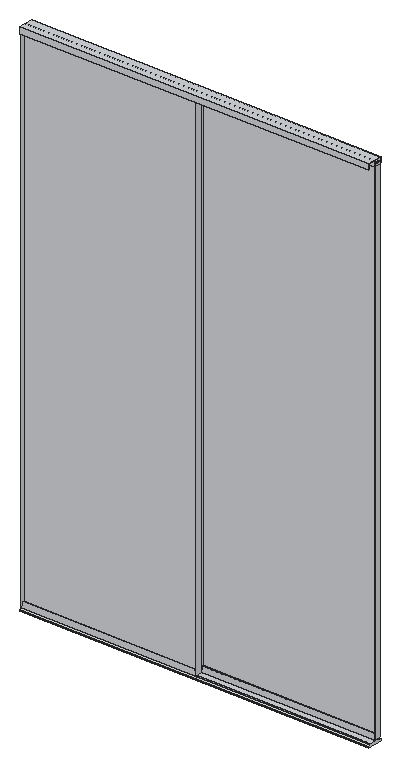
Revit family "Porta corrediça dupla do closet", category Portas, Revit 2019
Family settings
  Hospedeiro = Parede
  Número OmniClass = 23.30.10.00
  Título OmniClass = Doors
  Sempre na vertical = Sim
  Corte com vazios quando carregada = Não
  Compartilhado = Não
  Ponto de cálculo do ambiente = Não
Parameters (values of type "1600 x 2400mm")
  Material da corrediça = none
  Rough Width = 1600 mm
  Rough Height = 2400 mm
  Material da moldura do painel = none
  Material do painel = none
  Função = Interior
  Height = Rough Height  # 2400 mm
  Fechamento da parede = Por hospedeiro
  Width = Rough Width  # 1600 mm
  Assembly Code = ""
Types (4, lengths in mm): name | Rough Width | Width
  1200 x 2400mm | 1200 | 1200
  1600 x 2400mm | 1600 | 1600
  1400 x 2400mm | 1400 | 1400
  1800 x 2400mm | 1800 | 1800
Reference planes
  plane 1: y = 0
  plane 2 "Centro (Esquerda/Direita)": x = 0
  plane 3 "Esquerda": x = -800
  plane 4 "Direita": x = 800
  plane 5: z = 2400
  plane 6 "Exterior": y = 75
  plane 7 "Interior": y = -75
  plane 8: y = 5
  plane 9: y = 40
  plane 10: y = 70
  plane 11: y = 45
  plane 12: y = 10
  plane 13: y = 35
  plane 14: z = 2375
  plane 15: z = 10
  plane 16: z = 2365
  plane 17: z = 15
  plane 18: x = -5
  plane 19: x = 5
  plane 20: z = 25
  plane 21: x = 790
  plane 22: y = 60
  plane 23: z = 5
  plane 24: y = 55
  plane 25: y = 48
  plane 26: y = 13
  plane 27: y = 20
  plane 28: y = 58
  plane 29: y = 53
  plane 30: y = 50
  plane 31: y = 18
  plane 32: y = 15
  plane 33: x = -798
  plane 34: x = -790
  plane 35: y = 68
  plane 36: y = 33
  plane 37: x = -3
  plane 38: x = 3
  plane 39: z = 17
  plane 40: z = 2373
  plane 41: y = 23
  plane 42: y = 25
  plane 43: y = 25
  plane 44: x = 798
  plane 45: y = 23
  plane 46: z = 2
  plane 47: y = 63
  plane 48: y = 28
  plane 49: y = 73
  plane 50: z = 2398
  plane 51: y = 7
  plane 52: z = 37
  plane 53: z = 18
  plane 54: z = 21
  plane 55: y = 46
  plane 56: y = 41
  plane 57: z = 2380
  plane 58: y = 39
  plane 59: y = 34
  plane 60: y = 12
  plane 61: z = 2383
  plane 62: y = 72
  plane 63: y = 42
  plane 64: y = 54
  plane 65: y = 38
  plane 66: y = 8
  plane 67: y = 20
  plane 68: y = 26
  plane 69: z = 1200
  plane 70: x = -400
  plane 71: x = 400
Forms (mm)
  Extrusion 1, solid, material <- "Material do painel", detail levels coarse
    sketch origin (0, 0, 0) x (0, 1, 0) y (0, 0, 1)
      loop
        line (70, 2400) -> (45, 2400) -> (45, 0) -> (70, 0) -> (70, 2400)
    from -5 to 800
  Extrusion 2, solid, material <- "Material do painel", detail levels coarse
    sketch origin (0, 0, 0) x (0, 1, 0) y (0, 0, 1)
      loop
        line (35, 2400) -> (10, 2400) -> (10, 0) -> (35, 0) -> (35, 2400)
    from -800 to 5
  Extrusion 3, solid, material <- "Material da corrediça", detail levels medium
    sketch origin (0, 0, 0) x (0, 1, 0) y (0, 0, 1)
      loop
        line (75, 2400) -> (5, 2400) -> (5, 2375) -> (75, 2375) -> (75, 2400)
    from -800 to 800
  Extrusion 4, solid, material <- "Material da corrediça", detail levels medium
    sketch origin (0, 0, 0) x (0, 1, 0) y (0, 0, 1)
      loop
        line (75, 0) -> (75, 10) -> (5, 10) -> (5, 0) -> (75, 0)
    from -800 to 800
  Extrusion 5, solid, material <- "Material da corrediça", detail levels medium
    sketch origin (0, 0, 0) x (0, 1, 0) y (0, 0, 1)
      loop
        line (5, 0) -> (75, 0) -> (75, 10) -> (5, 10) -> (5, 0)
    from -800 to 800
  Sweep 6, solid, material <- "Material da moldura do painel", detail levels medium
    path origin (0, 75, 0) x (1, 0, 0) y (0, 0, 1)
      loop
        line (5, 15) -> (5, 2375) -> (-800, 2375) -> (-800, 15) -> (5, 15)
    profile origin (5, 75, 1195) x (-1, 0, 0) y (0, -1, 0)
      loop
        line (0, 65) -> (0, 40) -> (10, 40) -> (10, 65) -> (0, 65)
  Sweep 7, solid, material <- "Material da moldura do painel", detail levels medium
    path origin (0, 75, 0) x (1, 0, 0) y (0, 0, 1)
      loop
        line (790, 2365) -> (5, 2365) -> (5, 25) -> (790, 25) -> (790, 2365)
    profile origin (397.5, 75, 2365) x (0, 0, -1) y (0, -1, 0)
      loop
        line (-10, 5) -> (0, 5) -> (0, 30) -> (-10, 30) -> (-10, 5)
  Extrusion 8, solid, material <- "Material do painel", detail levels medium
    sketch origin (0, 0, 0) x (0, 1, 0) y (0, 0, 1)
      loop
        line (70, 2365) -> (60, 2365) -> (60, 25) -> (70, 25) -> (70, 2365)
    from 5 to 790
  Extrusion 9, solid, material <- "Material da corrediça", detail levels fine
    sketch origin (0, 0, 0) x (0, 1, 0) y (0, 0, 1)
      loop
        line (75, 2375) -> (75, 2400) -> (5, 2400) -> (5, 2375) -> (7, 2375) -> (7, 2398) -> (39, 2398) -> (39, 2375) -> (41, 2375) -> (41, 2398) -> (73, 2398) -> (73, 2375) -> (75, 2375)
    from -800 to 800
  Extrusion 10, solid, material <- "Material da corrediça", detail levels fine
    sketch origin (0, 0, 0) x (0, 1, 0) y (0, 0, 1)
      loop
        line (75, 0) -> (75, 5) -> (55, 10) -> (55, 2) -> (48, 2) -> (48, 10) -> (20, 10) -> (20, 2) -> (13, 2) -> (13, 10) -> (5, 5) -> (5, 0) -> (75, 0)
    from -800 to 800
  Sweep 11, solid, material <- "Material da moldura do painel", detail levels fine
    path origin (0, 75, 0) x (1, 0, 0) y (0, 0, 1)
      loop
        line (790, 2365) -> (5, 2365) -> (5, 25) -> (790, 25) -> (790, 2365)
    profile origin (397.5, 75, 2365) x (0, 0, -1) y (0, -1, 0)
      loop
        line (0, 5) -> (0, 7) -> (-8, 7) -> (-8, 20) -> (-10, 20) -> (-10, 5) -> (0, 5)
  Sweep 12, solid, material <- "Material da moldura do painel", detail levels fine
    path origin (0, 75, 0) x (1, 0, 0) y (0, 0, 1)
      loop
        line (-5, 2365) -> (-790, 2365) -> (-790, 25) -> (-5, 25) -> (-5, 2365)
    profile origin (-397.5, 75, 2365) x (0, 0, -1) y (0, -1, 0)
      loop
        line (0, 40) -> (0, 42) -> (-8, 42) -> (-8, 55) -> (-10, 55) -> (-10, 40) -> (0, 40)
  Extrusion 13, solid, material <- "Material do painel", detail levels fine
    sketch origin (0, 0, 0) x (0, 1, 0) y (0, 0, 1)
      loop
        line (68, 2373) -> (58, 2373) -> (58, 25) -> (63, 25) -> (63, 17) -> (68, 17) -> (68, 2373)
    from -3 to 798
  Extrusion 14, solid, material <- "Material da corrediça", detail levels fine
    sketch origin (0, 0, 0) x (0, 1, 0) y (0, 0, 1)
      loop
        line (53, 37) -> (50, 37) -> (50, 2) -> (53, 2) -> (53, 37)
    from -3 to 798
  Extrusion 15, solid, material <- "Material da corrediça", detail levels fine
    sketch origin (0, 0, 0) x (0, 1, 0) y (0, 0, 1)
      loop
        line (18, 37) -> (15, 37) -> (15, 2) -> (18, 2) -> (18, 37)
    from -798 to 3
  Extrusion 16, solid, material <- "Material do painel", detail levels medium
    sketch origin (-600, -35, 0) x (0, 1, 0) y (0, 0, 1)
      loop
        line (70, 2365) -> (60, 2365) -> (60, 25) -> (70, 25) -> (70, 2365)
    from -190 to 595
  Extrusion 17, solid, material <- "Material do painel", detail levels fine
    sketch origin (-600, -35, 0) x (0, 1, 0) y (0, 0, 1)
      loop
        line (68, 2373) -> (58, 2373) -> (58, 25) -> (63, 25) -> (63, 17) -> (68, 17) -> (68, 2373)
    from -198 to 603
  Extrusion 18, solid, material <- "Material da corrediça", detail levels fine
    sketch origin (-800, 0, 0) x (0, -1, 0) y (0, 0, 1)
      loop
        line (-55, 17) -> (-55, 25) -> (-63, 25) -> (-63, 17) -> (-55, 17)
    from -1598 to -797
  Extrusion 19, solid, material <- "Material da corrediça", detail levels fine
    sketch origin (-800, 0, 0) x (0, -1, 0) y (0, 0, 1)
      loop
        line (-20, 17) -> (-20, 25) -> (-28, 25) -> (-28, 17) -> (-20, 17)
    from -803 to -2
  Extrusion 20, solid, material <- "Material da corrediça", detail levels fine
    sketch origin (-800, 0, 0) x (0, -1, 0) y (0, 0, 1)
      loop
        line (-53, 18) -> (-53, 21) -> (-55, 21) -> (-55, 18) -> (-53, 18)
    from -1598 to -797
  Extrusion 21, solid, material <- "Material da corrediça", detail levels fine
    sketch origin (-800, 0, 0) x (0, -1, 0) y (0, 0, 1)
      loop
        line (-18, 18) -> (-18, 21) -> (-20, 21) -> (-20, 18) -> (-18, 18)
    from -803 to -2
  Extrusion 22, solid, material <- "Material da corrediça", detail levels fine
    sketch origin (-800, 0, 0) x (0, -1, 0) y (0, 0, 1)
      loop
        line (-68, 2380) -> (-68, 2375) -> (-46, 2375) -> (-46, 2380) -> (-68, 2380)
    from -1600 to -795
  Extrusion 23, solid, material <- "Material da corrediça", detail levels fine
    sketch origin (-800, 0, 0) x (0, -1, 0) y (0, 0, 1)
      loop
        line (-12, 2375) -> (-12, 2380) -> (-33, 2380) -> (-33, 2375) -> (-12, 2375)
    from -805 to 0
  Extrusion 24, solid, material <- "Material da corrediça", detail levels fine
    sketch origin (-800, 0, 0) x (0, -1, 0) y (0, 0, 1)
      loop
        line (-72, 2383) -> (-72, 2380) -> (-60, 2380) -> (-60, 2383) -> (-72, 2383)
    from -1600 to -795
  Extrusion 25, solid, material <- "Material da corrediça", detail levels fine
    sketch origin (-800, 0, 0) x (0, -1, 0) y (0, 0, 1)
      loop
        line (-54, 2383) -> (-54, 2380) -> (-42, 2380) -> (-42, 2383) -> (-54, 2383)
    from -1600 to -795
  Extrusion 26, solid, material <- "Material da corrediça", detail levels fine
    sketch origin (-800, 0, 0) x (0, -1, 0) y (0, 0, 1)
      loop
        line (-26, 2383) -> (-38, 2383) -> (-38, 2380) -> (-26, 2380) -> (-26, 2383)
    from -805 to 0
  Extrusion 27, solid, material <- "Material da corrediça", detail levels fine
    sketch origin (-800, 0, 0) x (0, -1, 0) y (0, 0, 1)
      loop
        line (-20, 2383) -> (-20, 2380) -> (-8, 2380) -> (-8, 2383) -> (-20, 2383)
    from -805 to 0
  Sweep 28, solid, material <- "Material da moldura do painel", detail levels fine
    path origin (0, 75, 0) x (1, 0, 0) y (0, 0, 1)
      loop
        line (5, 15) -> (5, 2375)
    profile origin (5, 75, 1195) x (-1, 0, 0) y (0, -1, 0)
      loop
        line (0, 7) -> (0, 5) -> (10, 5) -> (10, 30) -> (8, 30) -> (8, 7) -> (0, 7)
  Sweep 29, solid, material <- "Material da moldura do painel", detail levels fine
    path origin (0, 75, 0) x (1, 0, 0) y (0, 0, 1)
      loop
        line (800, 15) -> (800, 2375)
    profile origin (800, 75, 1195) x (-1, 0, 0) y (0, -1, 0)
      loop
        line (10, 5) -> (10, 7) -> (2, 7) -> (2, 30) -> (0, 30) -> (0, 5) -> (10, 5)
  Sweep 30, solid, material <- "Material da moldura do painel", detail levels fine
    path origin (0, -75, 0) x (1, 0, 0) y (0, 0, 1)
      loop
        line (-5, 15) -> (-5, 2375)
    profile origin (-5, -75, 1195) x (-1, 0, 0) y (0, -1, 0)
      loop
        line (0, -110) -> (0, -108) -> (-8, -108) -> (-8, -85) -> (-10, -85) -> (-10, -110) -> (0, -110)
  Sweep 31, solid, material <- "Material da moldura do painel", detail levels fine
    path origin (0, -75, 0) x (1, 0, 0) y (0, 0, 1)
      loop
        line (-790, 15) -> (-790, 2375)
    profile origin (-790, -75, 1195) x (-1, 0, 0) y (0, -1, 0)
      loop
        line (0, -110) -> (10, -110) -> (10, -85) -> (8, -85) -> (8, -108) -> (0, -108) -> (0, -110)
Cuts and joins
  joined: Sweep 11, Sweep 28, Sweep 29
  joined: Sweep 12, Sweep 30, Sweep 31
Lines and regions (mm)
  Opening 1
    outline origin (-3050, -75, 0) x (1, 0, 0) y (0, 0, 1)
      loop
        line (2250, 0) -> (3850, 0) -> (3850, 2400) -> (2250, 2400) -> (2250, 0)
  Masking region 1, detail levels coarse
    outline origin (0, 0, 0) x (1, 0, 0) y (0, 1, 0)
      loop
        line (5, 10) -> (5, 35) -> (-800, 35) -> (-800, 10) -> (5, 10)
      loop
        line (-5, 70) -> (-5, 45) -> (800, 45) -> (800, 70) -> (-5, 70)
  Masking region 2, detail levels medium+fine
    outline origin (0, 0, 0) x (1, 0, 0) y (0, 1, 0)
      loop
        line (-800, 75) -> (-800, 5) -> (800, 5) -> (800, 75) -> (-800, 75)
  Masking region 3, detail levels coarse
    outline origin (0, 0, 0) x (0, 1, 0) y (0, 0, 1)
      loop
        line (10, 2400) -> (10, 0) -> (35, 0) -> (35, 2400) -> (10, 2400)
      loop
        line (70, 2400) -> (45, 2400) -> (45, 0) -> (70, 0) -> (70, 2400)
  symbolic lines, style "DoorsPanelProjection", detail levels coarse
    curve 1: line (5, 10, 0) -> (-800, 10, 0)
    curve 2: line (5, 35, 0) -> (5, 10, 0)
    curve 3: line (-800, 35, 0) -> (5, 35, 0)
    curve 4: line (-800, 10, 0) -> (-800, 35, 0)
    curve 5: line (-5, 70, 0) -> (800, 70, 0)
    curve 6: line (-5, 45, 0) -> (-5, 70, 0)
    curve 7: line (800, 45, 0) -> (-5, 45, 0)
    curve 8: line (800, 70, 0) -> (800, 45, 0)
    curve 51: line (0, 70, 0) -> (0, 70, 2400)
    curve 52: line (0, 45, 2400) -> (0, 45, 0)
    curve 53: line (0, 35, 0) -> (0, 35, 2400)
    curve 54: line (0, 10, 2400) -> (0, 10, 0)
    curve 63: line (0, 10, 2400) -> (0, 35, 2400)
    curve 64: line (0, 45, 2400) -> (0, 70, 2400)
    curve 65: line (0, 10, 0) -> (0, 35, 0)
    curve 66: line (0, 45, 0) -> (0, 70, 0)
  symbolic lines, style "DoorsFrameMullionProjection", detail levels medium+fine
    curve 9: line (-800, 10, 0) -> (-800, 35, 0)
    curve 14: line (5, 35, 0) -> (5, 10, 0)
    curve 15: line (-5, 45, 0) -> (-5, 70, 0)
    curve 20: line (800, 70, 0) -> (800, 45, 0)
    curve 27: line (-800, 35, 0) -> (-790, 35, 0)
    curve 32: line (5, 35, 0) -> (-5, 35, 0)
    curve 37: line (-5, 70, 0) -> (5, 70, 0)
    curve 41: line (800, 70, 0) -> (790, 70, 0)
  symbolic lines, style "DoorsFrameMullionProjection", detail levels medium
    curve 10: line (-790, 10, 0) -> (-800, 10, 0)
    curve 11: line (-790, 35, 0) -> (-790, 10, 0)
    curve 12: line (-5, 10, 0) -> (-5, 35, 0)
    curve 13: line (5, 10, 0) -> (-5, 10, 0)
    curve 16: line (5, 45, 0) -> (-5, 45, 0)
    curve 17: line (5, 70, 0) -> (5, 45, 0)
    curve 18: line (790, 45, 0) -> (790, 70, 0)
    curve 19: line (800, 45, 0) -> (790, 45, 0)
    curve 22: line (-790, 10, 0) -> (-5, 10, 0)
    curve 24: line (790, 45, 0) -> (5, 45, 0)
  symbolic lines, style "DoorsFrameMullionProjection", detail levels fine
    curve 21: line (-5, 35, 0) -> (-790, 35, 0)
    curve 23: line (5, 70, 0) -> (790, 70, 0)
    curve 28: line (-790, 35, 0) -> (-790, 33, 0)
    curve 29: line (-790, 33, 0) -> (-798, 33, 0)
    curve 30: line (-798, 33, 0) -> (-798, 10, 0)
    curve 31: line (-800, 10, 0) -> (-798, 10, 0)
    curve 33: line (-5, 35, 0) -> (-5, 33, 0)
    curve 34: line (-5, 33, 0) -> (3, 33, 0)
    curve 35: line (3, 33, 0) -> (3, 10, 0)
    curve 36: line (5, 10, 0) -> (3, 10, 0)
    curve 38: line (5, 68, 0) -> (-3, 68, 0)
    curve 39: line (-3, 68, 0) -> (-3, 45, 0)
    curve 40: line (-5, 45, 0) -> (-3, 45, 0)
    curve 42: line (790, 68, 0) -> (798, 68, 0)
    curve 43: line (798, 68, 0) -> (798, 45, 0)
    curve 44: line (800, 45, 0) -> (798, 45, 0)
    curve 45: line (5, 68, 0) -> (5, 70, 0)
    curve 46: line (790, 68, 0) -> (790, 70, 0)
    curve 47: line (-3, 45, 0) -> (798, 45, 0)
    curve 48: line (3, 10, 0) -> (-798, 10, 0)
  symbolic lines, style "DoorsGlassProjection", detail levels medium
    curve 25: line (5, 60, 0) -> (790, 60, 0)
    curve 26: line (-790, 25, 0) -> (-5, 25, 0)
    curve 57: line (-790, 35, 0) -> (-5, 35, 0)
    curve 58: line (5, 70, 0) -> (790, 70, 0)
  symbolic lines, style "DoorsGlassProjection", detail levels fine
    curve 49: line (-3, 58, 0) -> (798, 58, 0)
    curve 50: line (-798, 23, 0) -> (3, 23, 0)
    curve 55: line (5, 68, 0) -> (790, 68, 0)
    curve 56: line (-5, 33, 0) -> (-790, 33, 0)
  symbolic lines, style "Corrediça", detail levels medium+fine
    curve 59: line (-800, 75, 0) -> (800, 75, 0)
    curve 60: line (-800, 5, 0) -> (800, 5, 0)
    curve 61: line (-800, 75, 0) -> (-800, 5, 0)
    curve 62: line (800, 75, 0) -> (800, 5, 0)
  symbolic lines, style "Giro da elevação", detail levels coarse
    curve 67: line (800, 75, 2400) -> (-5, 75, 0)
    curve 68: line (800, 75, 0) -> (-5, 75, 2400)
    curve 69: line (-5, 75, 2400) -> (-800, 75, 0)
    curve 70: line (-5, 75, 0) -> (-800, 75, 2400)
  symbolic lines, style "Giro da elevação", detail levels medium+fine
    curve 71: line (800, 75, 2375) -> (-5, 75, 15)
    curve 72: line (800, 75, 15) -> (-5, 75, 2375)
    curve 73: line (-5, 75, 2375) -> (-800, 75, 15)
    curve 74: line (-5, 75, 15) -> (-800, 75, 2375)
Text (mm)
  text "Externo" at (-2295.016, 1099.543, 0), in view "Nível de referência"
  text "Externo" at (0, 1615.38, 3698.081), in view "Esquerda"
  text "Externo" at (0, 1036.032, 3874.932), in view "Direita"
Dimensions and locks
  equal spacing: plane 3 "Esquerda", plane 2 "Centro (Esquerda/Direita)", plane 4 "Direita"
  "Width": plane 3 "Esquerda" to plane 4 "Direita"
  "Height": plane 5 to host wall
  locked: plane 6 "Exterior" to host wall at 0
  locked: plane 7 "Interior" to host wall
  locked: plane 6 "Exterior" to plane 8 at 70
  equal spacing: plane 6 "Exterior", plane 9, plane 8
  locked: plane 6 "Exterior" to plane 10 at 5
  locked: plane 10 to plane 11 at 25
  locked: plane 12 to plane 8 at 5
  locked: plane 13 to plane 12 at 25
  locked: plane 14 to plane 5 at 25
  locked: plane 15 to level at 10
  locked: plane 14 to plane 16 at 10
  locked: plane 17 to plane 15 at 5
  plane 19 to plane 2 "Centro (Esquerda/Direita)" to plane 18 = 5 mm, 5 mm
  locked: plane 20 to plane 17 at 10
  locked: plane 4 "Direita" to plane 21 at 10
  locked: plane 10 to plane 22 at 10
  Extrusion 9 sketch curve to plane 9 to Extrusion 9 sketch curve = 1 mm locked, 1 mm locked
  locked: Extrusion 9 sketch curve to Extrusion 9 sketch curve at 2  (x4)
  equal spacing: plane 15, plane 23, level
  locked: plane 6 "Exterior" to plane 24 at 20
  locked: plane 24 to plane 25 at 7
  locked: plane 26 to plane 8 at 8
  locked: plane 27 to plane 26 at 7
  locked: Extrusion 10 sketch curve to Extrusion 10 sketch curve at 2  (x2)
  locked: Sweep 11 sketch curve to Sweep 11 sketch curve at 2  (x2)
  locked: Sweep 11 sketch curve to Sweep 11 sketch curve at 15
  locked: Sweep 12 sketch curve to Sweep 12 sketch curve at 2  (x2)
  locked: Sweep 12 sketch curve to Sweep 12 sketch curve at 15
  locked: Sweep 12 sketch curve to plane 3 "Esquerda" at 10
  locked: plane 22 to plane 28 at 2
  locked: plane 14 to Sweep 11 at 2
  locked: plane 10 to Sweep 11 at 2
  locked: Sweep 11 to plane 17 at 2
  locked: plane 14 to Sweep 12 at 2
  locked: plane 13 to Sweep 12 at 2
  locked: Sweep 12 to plane 17 at 2
  locked: plane 24 to plane 29 at 2
  locked: plane 30 to plane 25 at 2
  locked: plane 32 to plane 26 at 2
  locked: plane 27 to plane 31 at 2
  locked: plane 3 "Esquerda" to plane 33 at 2
  locked: plane 3 "Esquerda" to plane 34 at 10
  locked: plane 35 to plane 10 at 2
  locked: plane 18 to plane 37 at 2
  locked: plane 38 to plane 19 at 2
  locked: plane 39 to plane 17 at 2
  locked: plane 14 to plane 40 at 2
  locked: plane 36 to plane 41 at 10
  plane 36 to plane 42 = 8 mm
  locked: plane 36 to plane 43 at 8
  locked: plane 36 to plane 13 at 2
  locked: plane 44 to plane 4 "Direita" at 2
  locked: plane 41 to Sweep 12 at 3
  locked: plane 45 to plane 43 at 2
  locked: plane 46 to level at 2
  locked: plane 47 to plane 24 at 8
  locked: plane 48 to plane 27 at 8
  locked: plane 51 to plane 8 at 2
  locked: plane 6 "Exterior" to Extrusion 9 at 2
  locked: plane 5 to plane 50 at 2
  locked: plane 52 to plane 46 at 35
  locked: plane 53 to plane 39 at 1
  locked: plane 54 to plane 53 at 3
  locked: plane 56 to plane 9 at 1
  locked: plane 55 to plane 56 at 5
  locked: plane 57 to plane 14 at 5
  locked: plane 9 to plane 58 at 1
  locked: plane 58 to plane 59 at 5
  locked: plane 60 to plane 51 at 5
  locked: plane 61 to plane 57 at 3
  locked: plane 49 to plane 62 at 1
  locked: plane 63 to plane 56 at 1
  locked: plane 64 to plane 63 at 12
  locked: plane 58 to plane 65 at 1
  locked: plane 66 to plane 51 at 1
  locked: plane 67 to plane 66 at 12
  locked: plane 65 to plane 68 at 12
  equal spacing: plane 5, plane 69, level
  equal spacing: plane 3 "Esquerda", plane 70, plane 2 "Centro (Esquerda/Direita)"
  equal spacing: plane 4 "Direita", plane 71, plane 2 "Centro (Esquerda/Direita)"
  locked: plane 6 "Exterior" to Extrusion 24 sketch curve at 3
  locked: Extrusion 24 sketch curve to Extrusion 24 sketch curve at 12
  locked: plane 22 to Extrusion 25 sketch curve at 6
  locked: Extrusion 25 sketch curve to Extrusion 25 sketch curve at 12
  locked: Extrusion 27 sketch curve to Extrusion 27 sketch curve at 12
  locked: Extrusion 26 to Extrusion 27 sketch curve at 6
  aligned and locked: plane 3 "Esquerda" to Opening 1 sketch curve
  aligned and locked: plane 5 to Opening 1 sketch curve  (x2)
  aligned and locked: Opening 1 sketch curve to plane 4 "Direita"
  aligned and locked: Opening 1 sketch curve to level
  aligned and locked: plane 1 to host wall
  aligned and locked: Extrusion 1 sketch curve to plane 5
  aligned and locked: Extrusion 1 sketch curve to plane 10
  aligned and locked: Extrusion 1 sketch curve to level
  aligned and locked: plane 11 to Extrusion 1 sketch curve
  aligned and locked: Extrusion 1 to plane 4 "Direita"
  aligned and locked: plane 5 to Extrusion 2 sketch curve
  aligned and locked: plane 13 to Extrusion 2 sketch curve
  aligned and locked: Extrusion 2 sketch curve to plane 12
  aligned and locked: level to Extrusion 2 sketch curve
  aligned and locked: plane 3 "Esquerda" to Extrusion 2
  aligned and locked: plane 14 to Extrusion 3 sketch curve
  aligned and locked: plane 5 to Extrusion 3 sketch curve
  aligned and locked: Extrusion 3 sketch curve to plane 8
  aligned and locked: plane 6 "Exterior" to Extrusion 3 sketch curve
  aligned and locked: Extrusion 3 to plane 6 "Exterior"
  aligned and locked: Extrusion 3 to plane 4 "Direita"
  aligned and locked: plane 3 "Esquerda" to Extrusion 3
  aligned and locked: level to Extrusion 4 sketch curve
  aligned and locked: plane 6 "Exterior" to Extrusion 4 sketch curve
  aligned and locked: Extrusion 4 sketch curve to plane 15
  aligned and locked: Extrusion 4 sketch curve to plane 8
  aligned and locked: Extrusion 4 to plane 4 "Direita"
  aligned and locked: plane 3 "Esquerda" to Extrusion 4
  aligned and locked: Extrusion 5 sketch curve to level
  aligned and locked: plane 8 to Extrusion 5 sketch curve
  aligned and locked: plane 15 to Extrusion 5 sketch curve
  aligned and locked: Extrusion 5 sketch curve to plane 6 "Exterior"
  aligned and locked: Extrusion 5 to plane 4 "Direita"
  aligned and locked: plane 3 "Esquerda" to Extrusion 5
  aligned and locked: profile plane to Sweep 6 sketch curve
  aligned and locked: plane 12 to Sweep 6 sketch curve
  aligned and locked: Sweep 6 sketch curve to plane 13
  aligned and locked: plane 17 to Sweep 6 sketch curve
  aligned and locked: Sweep 6 sketch curve to plane 3 "Esquerda"
  aligned and locked: Sweep 6 sketch curve to plane 19
  aligned and locked: Sweep 7 sketch curve to plane 16
  aligned and locked: Sweep 7 sketch curve to plane 14
  aligned and locked: plane 10 to Sweep 7 sketch curve
  aligned and locked: profile plane to Sweep 7 sketch curve
  aligned and locked: Sweep 7 sketch curve to plane 11
  aligned and locked: plane 20 to Sweep 7 sketch curve
  aligned and locked: plane 19 to Sweep 7 sketch curve
  aligned and locked: Sweep 7 sketch curve to plane 21
  aligned and locked: Sweep 6 sketch curve to plane 14
  aligned and locked: plane 19 to Extrusion 2
  aligned and locked: Extrusion 1 to plane 18
  aligned and locked: plane 16 to Extrusion 8 sketch curve
  aligned and locked: Extrusion 8 sketch curve to plane 10
  aligned and locked: Extrusion 8 sketch curve to plane 20
  aligned and locked: Extrusion 8 sketch curve to plane 22
  aligned and locked: Extrusion 8 to plane 19
  aligned and locked: plane 21 to Extrusion 8
  aligned and locked: plane 5 to Extrusion 9 sketch curve
  aligned and locked: Extrusion 9 sketch curve to plane 8
  aligned and locked: plane 6 "Exterior" to Extrusion 9 sketch curve
  aligned and locked: Extrusion 9 to plane 4 "Direita"
  aligned and locked: plane 3 "Esquerda" to Extrusion 9
  aligned and locked: plane 15 to Extrusion 10 sketch curve  (x3)
  aligned and locked: Extrusion 10 sketch curve to plane 24
  aligned and locked: plane 27 to Extrusion 10 sketch curve
  aligned and locked: plane 25 to Extrusion 10 sketch curve
  aligned and locked: Extrusion 10 sketch curve to plane 26
  aligned and locked: plane 6 "Exterior" to Extrusion 10 sketch curve
  aligned and locked: Extrusion 10 sketch curve to level
  aligned and locked: Extrusion 10 to plane 4 "Direita"
  aligned and locked: plane 3 "Esquerda" to Extrusion 10
  aligned and locked: profile plane to Sweep 11 sketch curve
  aligned and locked: Sweep 11 sketch curve to plane 14
  aligned and locked: plane 10 to Sweep 11 sketch curve
  aligned and locked: plane 19 to Sweep 11 sketch curve
  aligned and locked: Sweep 11 sketch curve to plane 16
  aligned and locked: plane 20 to Sweep 11 sketch curve
  aligned and locked: Sweep 11 sketch curve to plane 21
  aligned and locked: Sweep 12 sketch curve to plane 14
  aligned and locked: profile plane to Sweep 12 sketch curve
  aligned and locked: Sweep 12 sketch curve to plane 16
  aligned and locked: Sweep 12 sketch curve to plane 18
  aligned and locked: plane 20 to Sweep 12 sketch curve
  aligned and locked: plane 13 to Sweep 12 sketch curve
  aligned and locked: Extrusion 9 sketch curve to plane 14  (x3)
  aligned and locked: Extrusion 13 sketch curve to plane 28
  aligned and locked: Extrusion 13 to Sweep 11  (x2)
  aligned and locked: plane 8 to Extrusion 10 sketch curve
  aligned and locked: Extrusion 14 sketch curve to plane 29
  aligned and locked: Extrusion 14 sketch curve to Extrusion 10
  aligned and locked: Extrusion 14 sketch curve to plane 30
  aligned and locked: Sweep 11 to Extrusion 14
  aligned and locked: Extrusion 14 to Sweep 11
  aligned and locked: plane 31 to Extrusion 15 sketch curve
  aligned and locked: Extrusion 15 sketch curve to plane 32
  aligned and locked: Extrusion 10 to Extrusion 15 sketch curve
  aligned and locked: Sweep 12 to Extrusion 15
  aligned and locked: Extrusion 15 to Sweep 12
  aligned and locked: Extrusion 8 to plane 10
  aligned and locked: Extrusion 5 to plane 6 "Exterior"
  aligned and locked: plane 3 "Esquerda" to Sweep 6
  aligned and locked: plane 34 to Sweep 12
  aligned and locked: plane 33 to Sweep 12
  aligned and locked: Sweep 12 to plane 18
  aligned and locked: plane 19 to Sweep 12
  aligned and locked: Extrusion 1 to plane 10
  aligned and locked: Sweep 11 to plane 10
  aligned and locked: Sweep 7 to plane 10
  aligned and locked: Sweep 6 to plane 17
  aligned and locked: plane 43 to Extrusion 16 sketch curve
  aligned and locked: plane 20 to Extrusion 16 sketch curve
  aligned and locked: plane 13 to Extrusion 16 sketch curve
  aligned and locked: Extrusion 16 sketch curve to plane 16
  aligned and locked: plane 38 to Extrusion 17
  aligned and locked: Extrusion 16 to plane 34
  aligned and locked: Extrusion 17 to plane 33
  aligned and locked: plane 18 to Extrusion 16
  aligned and locked: Extrusion 17 sketch curve to plane 40
  aligned and locked: plane 36 to Extrusion 17 sketch curve
  aligned and locked: Extrusion 17 sketch curve to plane 41
  aligned and locked: curve 1 to Extrusion 2
  aligned and locked: curve 2 to Extrusion 2
  aligned and locked: curve 4 to Extrusion 2
  aligned and locked: curve 6 to Extrusion 1
  aligned and locked: curve 7 to Extrusion 1
  aligned and locked: curve 8 to Extrusion 1
  aligned and locked: plane 34 to Sweep 6
  aligned and locked: curve 10 to plane 12
  aligned and locked: plane 19 to Sweep 6
  aligned and locked: Sweep 6 to plane 18
  aligned and locked: Sweep 7 to plane 18
  aligned and locked: plane 19 to Sweep 7
  aligned and locked: curve 16 to plane 11
  aligned and locked: curve 17 to plane 19
  aligned and locked: Sweep 7 to plane 21
  aligned and locked: Sweep 7 to plane 4 "Direita"
  aligned and locked: Extrusion 16 to plane 13
  aligned and locked: curve 24 to plane 11
  aligned and locked: Extrusion 8 to plane 22
  aligned and locked: plane 21 to curve 25
  aligned and locked: plane 19 to curve 25
  aligned and locked: Extrusion 16 to plane 43
  aligned and locked: plane 18 to curve 26
  aligned and locked: plane 34 to curve 26
  aligned and locked: plane 12 to curve 31
  aligned and locked: curve 30 to plane 33
  aligned and locked: curve 28 to plane 34
  aligned and locked: curve 29 to plane 36
  aligned and locked: curve 35 to plane 38
  aligned and locked: curve 33 to plane 18
  aligned and locked: plane 11 to curve 40
  aligned and locked: curve 39 to plane 37
  aligned and locked: plane 35 to curve 38
  aligned and locked: plane 19 to Sweep 11
  aligned and locked: curve 43 to plane 44
  aligned and locked: plane 35 to curve 42
  aligned and locked: Sweep 11 to plane 21
  aligned and locked: curve 41 to plane 10
  aligned and locked: curve 45 to curve 17
  aligned and locked: curve 46 to Sweep 11
  aligned and locked: curve 40 to curve 47
  aligned and locked: curve 36 to curve 48
  aligned and locked: curve 49 to Extrusion 13
  aligned and locked: curve 50 to Extrusion 17
  aligned and locked: curve 52 to Extrusion 1
  aligned and locked: curve 53 to Extrusion 2
  aligned and locked: curve 54 to Extrusion 2
  aligned and locked: Extrusion 10 to level
  aligned and locked: Extrusion 9 to plane 6 "Exterior"
  aligned and locked: Extrusion 5 to level
  aligned and locked: Extrusion 10 to plane 6 "Exterior"
  aligned and locked: plane 24 to Extrusion 10
  aligned and locked: Extrusion 10 to plane 25
  aligned and locked: plane 27 to Extrusion 10
  aligned and locked: Extrusion 10 to plane 26
  aligned and locked: plane 15 to Extrusion 10
  aligned and locked: plane 46 to Extrusion 10  (x2)
  aligned and locked: Sweep 11 to plane 17
  aligned and locked: Sweep 12 to plane 17
  aligned and locked: Extrusion 9 to plane 14  (x4)
  aligned and locked: Extrusion 9 to plane 5
  aligned and locked: plane 8 to Extrusion 9
  aligned and locked: Extrusion 9 to plane 51
  aligned and locked: Extrusion 9 to plane 50  (x2)
  aligned and locked: plane 49 to Extrusion 9  (x5)
  aligned and locked: Extrusion 14 sketch curve to plane 52
  aligned and locked: Extrusion 15 sketch curve to plane 52
  aligned and locked: Extrusion 18 sketch curve to Sweep 11  (x2)
  aligned and locked: Extrusion 18 sketch curve to plane 20
  aligned and locked: plane 47 to Extrusion 18 sketch curve
  aligned and locked: plane 39 to Extrusion 19 sketch curve
  aligned and locked: Extrusion 19 sketch curve to Sweep 12
  aligned and locked: Extrusion 19 sketch curve to plane 20
  aligned and locked: plane 48 to Extrusion 19 sketch curve
  aligned and locked: plane 39 to Extrusion 13 sketch curve
  aligned and locked: Extrusion 13 sketch curve to plane 47
  aligned and locked: plane 20 to Extrusion 13 sketch curve
  aligned and locked: plane 39 to Extrusion 17 sketch curve
  aligned and locked: Extrusion 17 sketch curve to plane 48
  aligned and locked: plane 20 to Extrusion 17 sketch curve
  aligned and locked: plane 53 to Extrusion 20 sketch curve
  aligned and locked: Extrusion 14 to Extrusion 20 sketch curve
  aligned and locked: Extrusion 20 sketch curve to plane 54
  aligned and locked: Extrusion 18 to Extrusion 20 sketch curve
  aligned and locked: plane 53 to Extrusion 21 sketch curve
  aligned and locked: Extrusion 21 sketch curve to plane 31
  aligned and locked: plane 27 to Extrusion 21 sketch curve
  aligned and locked: Extrusion 21 sketch curve to plane 54
  aligned and locked: plane 44 to Extrusion 18
  aligned and locked: Extrusion 18 to plane 37
  aligned and locked: plane 38 to Extrusion 19
  aligned and locked: plane 38 to Extrusion 21
  aligned and locked: Extrusion 19 to plane 33
  aligned and locked: Extrusion 21 to plane 33
  aligned and locked: Extrusion 22 sketch curve to plane 57
  aligned and locked: Extrusion 22 sketch curve to plane 35
  aligned and locked: plane 14 to Extrusion 22 sketch curve
  aligned and locked: Extrusion 22 sketch curve to plane 55
  aligned and locked: plane 14 to Extrusion 23 sketch curve
  aligned and locked: Extrusion 23 sketch curve to plane 60
  aligned and locked: Extrusion 23 sketch curve to plane 57
  aligned and locked: plane 36 to Extrusion 23 sketch curve
  aligned and locked: plane 19 to Extrusion 23
  aligned and locked: plane 3 "Esquerda" to Extrusion 23
  aligned and locked: Extrusion 22 to plane 4 "Direita"
  aligned and locked: Extrusion 22 to plane 18
  aligned and locked: plane 44 to Extrusion 20
  aligned and locked: Extrusion 20 to plane 37
  aligned and locked: Extrusion 24 to plane 4 "Direita"
  aligned and locked: Extrusion 24 to plane 18
  aligned and locked: Extrusion 25 to plane 4 "Direita"
  aligned and locked: Extrusion 25 to plane 18
  aligned and locked: plane 61 to Extrusion 26 sketch curve
  aligned and locked: plane 68 to Extrusion 26 sketch curve
  aligned and locked: Extrusion 26 sketch curve to plane 57
  aligned and locked: Extrusion 26 sketch curve to plane 65
  aligned and locked: plane 19 to Extrusion 26
  aligned and locked: plane 3 "Esquerda" to Extrusion 26
  aligned and locked: plane 19 to Extrusion 27
  aligned and locked: plane 3 "Esquerda" to Extrusion 27
  aligned and locked: curve 55 to plane 35
  aligned and locked: curve 56 to plane 36
  aligned and locked: Masking region 1 sketch curve to curve 1
  aligned and locked: Masking region 1 sketch curve to curve 2
  aligned and locked: Masking region 1 sketch curve to curve 3
  aligned and locked: Masking region 1 sketch curve to curve 4
  aligned and locked: Masking region 1 sketch curve to curve 5
  aligned and locked: Masking region 1 sketch curve to curve 6
  aligned and locked: Masking region 1 sketch curve to curve 7
  aligned and locked: Masking region 1 sketch curve to curve 8
  aligned and locked: Masking region 2 sketch curve to Extrusion 4  (x3)
  aligned and locked: host wall to Masking region 2 sketch curve
  aligned and locked: Sweep 28 sketch curve to plane 19
  aligned and locked: Sweep 28 sketch curve to plane 10
  aligned and locked: Sweep 28 sketch curve to plane 35
  aligned and locked: plane 37 to Sweep 28 sketch curve
  aligned and locked: Sweep 28 sketch curve to plane 18
  aligned and locked: plane 11 to Sweep 28 sketch curve
  aligned and locked: profile plane to Sweep 28 sketch curve
  aligned and locked: plane 14 to Sweep 28 sketch curve
  aligned and locked: plane 14 to Sweep 29 sketch curve
  aligned and locked: plane 4 "Direita" to Sweep 29 sketch curve
  aligned and locked: plane 17 to Sweep 29 sketch curve
  aligned and locked: Sweep 29 sketch curve to Extrusion 8
  aligned and locked: plane 21 to Sweep 29 sketch curve
  aligned and locked: Sweep 29 sketch curve to profile plane
  aligned and locked: Sweep 29 sketch curve to curve 24
  aligned and locked: plane 44 to Sweep 29 sketch curve
  aligned and locked: plane 18 to Sweep 30 sketch curve
  aligned and locked: plane 14 to Sweep 30 sketch curve
  aligned and locked: plane 17 to Sweep 30 sketch curve
  aligned and locked: plane 13 to Sweep 30 sketch curve
  aligned and locked: Sweep 30 sketch curve to plane 36
  aligned and locked: profile plane to Sweep 30 sketch curve
  aligned and locked: plane 38 to Sweep 30 sketch curve
  aligned and locked: Sweep 30 sketch curve to plane 19
  aligned and locked: Sweep 30 sketch curve to plane 12
  aligned and locked: plane 34 to Sweep 31 sketch curve
  aligned and locked: plane 14 to Sweep 31 sketch curve
  aligned and locked: plane 17 to Sweep 31 sketch curve
  aligned and locked: profile plane to Sweep 31 sketch curve
  aligned and locked: Sweep 31 sketch curve to plane 13
  aligned and locked: plane 36 to Sweep 31 sketch curve
  aligned and locked: plane 3 "Esquerda" to Sweep 31 sketch curve
  aligned and locked: plane 33 to Sweep 31 sketch curve
  aligned and locked: plane 12 to Sweep 31 sketch curve
  aligned and locked: curve 3 to curve 57
  aligned and locked: curve 5 to curve 58
  aligned and locked: plane 6 "Exterior" to curve 59
  aligned and locked: plane 8 to curve 60
  aligned and locked: plane 4 "Direita" to curve 60
  aligned and locked: plane 3 "Esquerda" to curve 60
  aligned and locked: plane 3 "Esquerda" to curve 61
  aligned and locked: plane 4 "Direita" to curve 62
  aligned and locked: Extrusion 24 sketch curve to plane 61
  aligned and locked: plane 57 to Extrusion 24 sketch curve
  aligned and locked: Extrusion 25 sketch curve to plane 61
  aligned and locked: plane 57 to Extrusion 25 sketch curve
  aligned and locked: Extrusion 27 sketch curve to plane 61
  aligned and locked: plane 57 to Extrusion 27 sketch curve
  aligned and locked: Masking region 3 sketch curve to Extrusion 2  (x4)
  aligned and locked: Masking region 3 sketch curve to Extrusion 1  (x4)
  aligned and locked: curve 63 to Extrusion 2
  aligned and locked: curve 65 to Extrusion 2
  aligned and locked: plane 69 to nested 1
  aligned and locked: nested 2 to plane 69
  aligned and locked: nested 2 to plane 71
  aligned and locked: nested 1 to plane 70
  aligned and locked: plane 5 to curve 67
  aligned and locked: plane 4 "Direita" to curve 67
  aligned and locked: plane 5 to curve 68
  aligned and locked: plane 18 to curve 68
  aligned and locked: level to curve 68
  aligned and locked: plane 4 "Direita" to curve 68
  aligned and locked: plane 5 to curve 70
  aligned and locked: plane 3 "Esquerda" to curve 70
  aligned and locked: level to curve 70
  aligned and locked: plane 18 to curve 70
  aligned and locked: level to curve 69
  aligned and locked: plane 3 "Esquerda" to curve 69
  aligned and locked: plane 14 to curve 71
  aligned and locked: plane 4 "Direita" to curve 71
  aligned and locked: plane 14 to curve 72
  aligned and locked: plane 18 to curve 72
  aligned and locked: plane 17 to curve 72
  aligned and locked: plane 4 "Direita" to curve 72
  aligned and locked: plane 14 to curve 74
  aligned and locked: plane 3 "Esquerda" to curve 74
  aligned and locked: plane 17 to curve 74
  aligned and locked: plane 18 to curve 74
  aligned and locked: plane 17 to curve 73
  aligned and locked: plane 3 "Esquerda" to curve 73
Automatic sketch dimensions
  plane 5 to curve 51 = 0 mm
  curve 51 to plane 10 = 0 mm
  curve 51 to level = 0 mm
  plane 42 to curve 26 = 0 mm
  plane 13 to curve 21 = 0 mm
  curve 25 to plane 22 = 0 mm
  Sweep 6 sketch curve to Sweep 6 sketch curve = 10 mm
  Extrusion 10 sketch curve to plane 23 = 0 mm  (x2)
  Extrusion 13 sketch curve to plane 35 = 0 mm
  Extrusion 13 sketch curve to plane 40 = 0 mm
  Sweep 28 sketch curve to plane 17 = 0 mm
  Sweep 29 sketch curve to Sweep 29 sketch curve = 2 mm
Nested families
  nested 1: "Seta" at (-400, 75, 1200) x (-1, 0, 0) z (0, -1, 0), type "Seta"
  nested 2: "Seta" at (400, 75, 1200) x (1, 0, 0) z (0, -1, 0), type "Seta"
Definition of nested family "Seta"
  Reference planes
    plane 1 "Centro (Frente/Trás)": y = 0
    plane 2: z = 0
    plane 3 "Centro (Esquerda/Direita)": x = 0
  Lines and regions (mm)
    detail lines, in view "Nível de referência"
      curve 1: line (-137.5, 0, 0) -> (137.5, 0, 0)
      curve 2: line (137.5, 0, 0) -> (59.558, 45, 0)
      curve 3: line (137.5, 0, 0) -> (59.558, -45, 0)
  Dimensions and locks
    aligned and locked: plane 1 "Centro (Frente/Trás)" to curve 1
    aligned and locked: plane 1 "Centro (Frente/Trás)" to curve 3
    aligned and locked: plane 1 "Centro (Frente/Trás)" to curve 2
